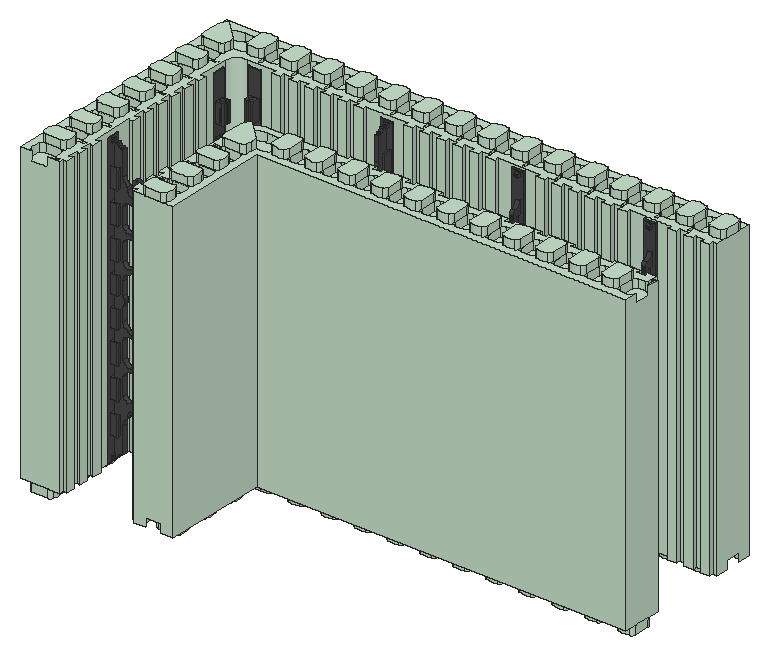
Revit family
Reference planes
  plane 1 "Center (Front/Back)": y = 0
  plane 2: z = 0
  plane 3 "Center (Left/Right)": x = 0
Forms (mm)
  Extrusion 1, solid, material "NUDURA Expanded Polystyrene Foam Insulation"
    sketch origin (0.35, 0.109, 0) x (1, 0, 0) y (0, 1, 0)
      loop
        line (-117.475, 117.475) -> (-117.475, -279.4) -> (-57.15, -279.4) -> (-57.15, -272.258) -> (-50.8, -273.842) -> (-50.8, -259.558) -> (-57.15, -261.142) -> (-57.15, -246.858) -> (-50.8, -248.442) -> (-50.8, -234.158) -> (-57.15, -235.742) -> (-57.15, -221.458) -> (-50.8, -223.042) -> (-50.8, -208.758) -> (-57.15, -210.342) -> (-57.15, -145.258) -> (-50.8, -146.842) -> (-50.8, -132.558) -> (-57.15, -134.142) -> (-57.15, -119.858) -> (-50.8, -121.442) -> (-50.8, -107.158) -> (-57.15, -108.742) -> (-57.15, -94.458) -> (-50.8, -96.042) -> (-50.8, -81.758) -> (-57.15, -83.342) -> (-57.15, -69.058) -> (-50.8, -70.642) -> (-50.8, -56.358) -> (-57.15, -57.942) -> (-57.15, -43.658) -> (-50.8, -45.242) -> (-50.8, -30.958) -> (-57.15, -32.542) -> (-57.15, -18.258) -> (-50.8, -19.842) -> (-50.8, -5.558) -> (-57.15, -7.142) -> (-57.15, 38.594)
        arc (-57.15, 38.594) -> (-51.399, 51.746) -> (-38.1, 57.15) r 19.05
        line (-38.1, 57.15) -> (7.142, 57.15) -> (5.558, 50.8) -> (19.842, 50.8) -> (18.258, 57.15) -> (32.542, 57.15) -> (30.958, 50.8) -> (45.242, 50.8) -> (43.658, 57.15) -> (57.942, 57.15) -> (56.358, 50.8) -> (70.642, 50.8) -> (69.058, 57.15) -> (83.342, 57.15) -> (81.758, 50.8) -> (96.042, 50.8) -> (94.458, 57.15) -> (108.742, 57.15) -> (107.158, 50.8) -> (121.442, 50.8) -> (119.858, 57.15) -> (134.142, 57.15) -> (132.558, 50.8) -> (146.842, 50.8) -> (145.258, 57.15) -> (210.342, 57.15) -> (208.758, 50.8) -> (223.042, 50.8) -> (221.458, 57.15) -> (235.742, 57.15) -> (234.158, 50.8) -> (248.442, 50.8) -> (246.858, 57.15) -> (261.142, 57.15) -> (259.558, 50.8) -> (273.842, 50.8) -> (272.258, 57.15) -> (286.542, 57.15) -> (284.958, 50.8) -> (299.242, 50.8) -> (297.658, 57.15) -> (311.942, 57.15) -> (310.358, 50.8) -> (324.642, 50.8) -> (323.058, 57.15) -> (337.342, 57.15) -> (335.758, 50.8) -> (350.042, 50.8) -> (348.458, 57.15) -> (413.542, 57.15) -> (411.958, 50.8) -> (426.242, 50.8) -> (424.658, 57.15) -> (438.942, 57.15) -> (437.358, 50.8) -> (451.642, 50.8) -> (450.058, 57.15) -> (464.342, 57.15) -> (462.758, 50.8) -> (477.042, 50.8) -> (475.458, 57.15) -> (489.742, 57.15) -> (488.158, 50.8) -> (502.442, 50.8) -> (500.858, 57.15) -> (515.142, 57.15) -> (513.558, 50.8) -> (527.842, 50.8) -> (526.258, 57.15) -> (540.542, 57.15) -> (538.958, 50.8) -> (553.242, 50.8) -> (551.658, 57.15) -> (616.742, 57.15) -> (615.158, 50.8) -> (629.442, 50.8) -> (627.858, 57.15) -> (642.142, 57.15) -> (640.558, 50.8) -> (654.842, 50.8) -> (653.258, 57.15) -> (667.542, 57.15) -> (665.958, 50.8) -> (680.242, 50.8) -> (678.658, 57.15) -> (685.8, 57.15) -> (685.8, 117.475) -> (-117.475, 117.475)
      loop
        line (117.475, -117.475) -> (685.8, -117.475) -> (685.8, -57.15) -> (678.658, -57.15) -> (680.242, -50.8) -> (665.958, -50.8) -> (667.542, -57.15) -> (653.258, -57.15) -> (654.842, -50.8) -> (640.558, -50.8) -> (642.142, -57.15) -> (627.858, -57.15) -> (629.442, -50.8) -> (615.158, -50.8) -> (616.742, -57.15) -> (551.658, -57.15) -> (553.242, -50.8) -> (538.958, -50.8) -> (540.542, -57.15) -> (526.258, -57.15) -> (527.842, -50.8) -> (513.558, -50.8) -> (515.142, -57.15) -> (500.858, -57.15) -> (502.442, -50.8) -> (488.158, -50.8) -> (489.742, -57.15) -> (475.458, -57.15) -> (477.042, -50.8) -> (462.758, -50.8) -> (464.342, -57.15) -> (450.058, -57.15) -> (451.642, -50.8) -> (437.358, -50.8) -> (438.942, -57.15) -> (424.658, -57.15) -> (426.242, -50.8) -> (411.958, -50.8) -> (413.542, -57.15) -> (348.458, -57.15) -> (350.042, -50.8) -> (335.758, -50.8) -> (337.342, -57.15) -> (323.058, -57.15) -> (324.642, -50.8) -> (310.358, -50.8) -> (311.942, -57.15) -> (297.658, -57.15) -> (299.242, -50.8) -> (284.958, -50.8) -> (286.542, -57.15) -> (272.258, -57.15) -> (273.842, -50.8) -> (259.558, -50.8) -> (261.142, -57.15) -> (246.858, -57.15) -> (248.442, -50.8) -> (234.158, -50.8) -> (235.742, -57.15) -> (221.458, -57.15) -> (223.042, -50.8) -> (208.758, -50.8) -> (210.342, -57.15) -> (88.9, -57.15)
        arc (88.9, -57.15) -> (66.449, -66.449) -> (57.15, -88.9) r 31.75
        line (57.15, -88.9) -> (57.15, -210.342) -> (50.8, -208.758) -> (50.8, -223.042) -> (57.15, -221.458) -> (57.15, -235.742) -> (50.8, -234.158) -> (50.8, -248.442) -> (57.15, -246.858) -> (57.15, -261.142) -> (50.8, -259.558) -> (50.8, -273.842) -> (57.15, -272.258) -> (57.15, -279.4) -> (117.475, -279.4) -> (117.475, -117.475)
    from 0 to 457.2
  Extrusion 2, solid, material "NUDURA Expanded Polystyrene Foam Insulation"
    sketch origin (-25.05, 25.509, 0) x (1, 0, 0) y (0, 1, 0)
      loop
        arc (93.663, -139.7) -> (93.992, -143.903) -> (94.972, -148.004) r 26.987
        arc (94.972, -148.004) -> (97.278, -151.185) -> (101.014, -152.4) r 6.35
        line (101.014, -152.4) -> (124.411, -152.4)
        arc (124.411, -152.4) -> (128.147, -151.185) -> (130.453, -148.004) r 6.35
        arc (130.453, -148.004) -> (131.433, -143.903) -> (131.763, -139.7) r 26.988
        line (131.763, -139.7) -> (131.763, -131.763) -> (101.102, -101.102)
        arc (101.102, -101.102) -> (95.596, -109.342) -> (93.663, -119.063) r 25.4
        line (93.663, -119.063) -> (93.663, -139.7)
    from 457.2 to 469.9
  Extrusion 3, solid, material "NUDURA Expanded Polystyrene Foam Insulation"
    sketch origin (25.75, -25.291, 0) x (1, 0, 0) y (0, 1, 0)
      loop
        arc (-101.014, 76.2) -> (-97.278, 77.415) -> (-94.972, 80.596) r 6.35
        arc (-94.972, 80.596) -> (-93.992, 84.697) -> (-93.662, 88.9) r 26.987
        line (-93.662, 88.9) -> (-93.662, 93.662) -> (-124.323, 124.323)
        arc (-124.323, 124.323) -> (-129.829, 116.083) -> (-131.762, 106.362) r 25.4
        line (-131.762, 106.362) -> (-131.762, 88.9)
        arc (-131.762, 88.9) -> (-131.433, 84.697) -> (-130.453, 80.596) r 26.988
        arc (-130.453, 80.596) -> (-128.147, 77.415) -> (-124.411, 76.2) r 6.35
        line (-124.411, 76.2) -> (-101.014, 76.2)
    from 457.2 to 469.9
  Extrusion 4, void
    sketch origin (25.75, -25.291, 0) x (1, 0, 0) y (0, 1, 0)
      loop
        arc (-130.453, -249.604) -> (-128.147, -252.785) -> (-124.411, -254) r 6.35
        line (-124.411, -254) -> (-101.014, -254)
        arc (-101.014, -254) -> (-98.696, -253.562) -> (-96.698, -252.308) r 6.35
        arc (-96.698, -252.308) -> (-96.199, -251.995) -> (-95.62, -251.885) r 1.588
        line (-95.62, -251.885) -> (-86.829, -251.885) -> (-86.829, -247.546) -> (-92.457, -247.546)
        arc (-92.457, -247.546) -> (-93.668, -246.986) -> (-94.024, -245.7) r 1.588
        arc (-94.024, -245.7) -> (-93.737, -239.291) -> (-94.972, -232.996) r 26.987
        arc (-94.972, -232.996) -> (-97.278, -229.815) -> (-101.014, -228.6) r 6.35
        line (-101.014, -228.6) -> (-124.411, -228.6)
        arc (-124.411, -228.6) -> (-128.147, -229.815) -> (-130.453, -232.996) r 6.35
        arc (-130.453, -232.996) -> (-131.762, -241.3) -> (-130.453, -249.604) r 26.987
    from 457.2 to 444.5
  Extrusion 5, void
    sketch origin (25.75, 25.509, 0) x (1, 0, 0) y (0, 1, 0)
      loop
        arc (-130.453, -249.604) -> (-128.147, -252.785) -> (-124.411, -254) r 6.35
        line (-124.411, -254) -> (-101.014, -254)
        arc (-101.014, -254) -> (-98.696, -253.562) -> (-96.698, -252.308) r 6.35
        arc (-96.698, -252.308) -> (-96.199, -251.995) -> (-95.62, -251.885) r 1.588
        line (-95.62, -251.885) -> (-86.829, -251.885) -> (-86.829, -247.546) -> (-92.457, -247.546)
        arc (-92.457, -247.546) -> (-93.668, -246.986) -> (-94.024, -245.7) r 1.588
        arc (-94.024, -245.7) -> (-93.737, -239.291) -> (-94.972, -232.996) r 26.987
        arc (-94.972, -232.996) -> (-97.278, -229.815) -> (-101.014, -228.6) r 6.35
        line (-101.014, -228.6) -> (-124.411, -228.6)
        arc (-124.411, -228.6) -> (-128.147, -229.815) -> (-130.453, -232.996) r 6.35
        arc (-130.453, -232.996) -> (-131.762, -241.3) -> (-130.453, -249.604) r 26.987
    from 457.2 to 444.5
  Extrusion 6, void
    sketch origin (25.75, 76.309, 0) x (1, 0, 0) y (0, 1, 0)
      loop
        arc (-130.453, -249.604) -> (-128.147, -252.785) -> (-124.411, -254) r 6.35
        line (-124.411, -254) -> (-101.014, -254)
        arc (-101.014, -254) -> (-98.696, -253.562) -> (-96.698, -252.308) r 6.35
        arc (-96.698, -252.308) -> (-96.199, -251.995) -> (-95.62, -251.885) r 1.588
        line (-95.62, -251.885) -> (-86.829, -251.885) -> (-86.829, -247.546) -> (-92.457, -247.546)
        arc (-92.457, -247.546) -> (-93.668, -246.986) -> (-94.024, -245.7) r 1.588
        arc (-94.024, -245.7) -> (-93.737, -239.291) -> (-94.972, -232.996) r 26.987
        arc (-94.972, -232.996) -> (-97.278, -229.815) -> (-101.014, -228.6) r 6.35
        line (-101.014, -228.6) -> (-124.411, -228.6)
        arc (-124.411, -228.6) -> (-128.147, -229.815) -> (-130.453, -232.996) r 6.35
        arc (-130.453, -232.996) -> (-131.762, -241.3) -> (-130.453, -249.604) r 26.987
    from 457.2 to 444.5
  Extrusion 7, void
    sketch origin (25.75, 127.109, 0) x (1, 0, 0) y (0, 1, 0)
      loop
        arc (-130.453, -249.604) -> (-128.147, -252.785) -> (-124.411, -254) r 6.35
        line (-124.411, -254) -> (-101.014, -254)
        arc (-101.014, -254) -> (-98.696, -253.562) -> (-96.698, -252.308) r 6.35
        arc (-96.698, -252.308) -> (-96.199, -251.995) -> (-95.62, -251.885) r 1.588
        line (-95.62, -251.885) -> (-86.829, -251.885) -> (-86.829, -247.546) -> (-92.457, -247.546)
        arc (-92.457, -247.546) -> (-93.668, -246.986) -> (-94.024, -245.7) r 1.588
        arc (-94.024, -245.7) -> (-93.737, -239.291) -> (-94.972, -232.996) r 26.987
        arc (-94.972, -232.996) -> (-97.278, -229.815) -> (-101.014, -228.6) r 6.35
        line (-101.014, -228.6) -> (-124.411, -228.6)
        arc (-124.411, -228.6) -> (-128.147, -229.815) -> (-130.453, -232.996) r 6.35
        arc (-130.453, -232.996) -> (-131.762, -241.3) -> (-130.453, -249.604) r 26.987
    from 457.2 to 444.5
  Extrusion 8, void
    sketch origin (25.75, 177.909, 0) x (1, 0, 0) y (0, 1, 0)
      loop
        arc (-130.453, -249.604) -> (-128.147, -252.785) -> (-124.411, -254) r 6.35
        line (-124.411, -254) -> (-101.014, -254)
        arc (-101.014, -254) -> (-98.696, -253.562) -> (-96.698, -252.308) r 6.35
        arc (-96.698, -252.308) -> (-96.199, -251.995) -> (-95.62, -251.885) r 1.588
        line (-95.62, -251.885) -> (-86.829, -251.885) -> (-86.829, -247.546) -> (-92.457, -247.546)
        arc (-92.457, -247.546) -> (-93.668, -246.986) -> (-94.024, -245.7) r 1.588
        arc (-94.024, -245.7) -> (-93.737, -239.291) -> (-94.972, -232.996) r 26.987
        arc (-94.972, -232.996) -> (-97.278, -229.815) -> (-101.014, -228.6) r 6.35
        line (-101.014, -228.6) -> (-124.411, -228.6)
        arc (-124.411, -228.6) -> (-128.147, -229.815) -> (-130.453, -232.996) r 6.35
        arc (-130.453, -232.996) -> (-131.762, -241.3) -> (-130.453, -249.604) r 26.987
    from 457.2 to 444.5
  Extrusion 9, void
    sketch origin (25.75, 228.709, 0) x (1, 0, 0) y (0, 1, 0)
      loop
        arc (-130.453, -249.604) -> (-128.147, -252.785) -> (-124.411, -254) r 6.35
        line (-124.411, -254) -> (-101.014, -254)
        arc (-101.014, -254) -> (-98.696, -253.562) -> (-96.698, -252.308) r 6.35
        arc (-96.698, -252.308) -> (-96.199, -251.995) -> (-95.62, -251.885) r 1.588
        line (-95.62, -251.885) -> (-86.829, -251.885) -> (-86.829, -247.546) -> (-92.457, -247.546)
        arc (-92.457, -247.546) -> (-93.668, -246.986) -> (-94.024, -245.7) r 1.588
        arc (-94.024, -245.7) -> (-93.737, -239.291) -> (-94.972, -232.996) r 26.987
        arc (-94.972, -232.996) -> (-97.278, -229.815) -> (-101.014, -228.6) r 6.35
        line (-101.014, -228.6) -> (-124.411, -228.6)
        arc (-124.411, -228.6) -> (-128.147, -229.815) -> (-130.453, -232.996) r 6.35
        arc (-130.453, -232.996) -> (-131.762, -241.3) -> (-130.453, -249.604) r 26.987
    from 457.2 to 444.5
  Extrusion 10, void
    sketch origin (25.75, 279.509, 0) x (1, 0, 0) y (0, 1, 0)
      loop
        arc (-130.453, -249.604) -> (-128.147, -252.785) -> (-124.411, -254) r 6.35
        line (-124.411, -254) -> (-101.014, -254)
        arc (-101.014, -254) -> (-98.696, -253.562) -> (-96.698, -252.308) r 6.35
        arc (-96.698, -252.308) -> (-96.199, -251.995) -> (-95.62, -251.885) r 1.588
        line (-95.62, -251.885) -> (-86.829, -251.885) -> (-86.829, -247.546) -> (-92.457, -247.546)
        arc (-92.457, -247.546) -> (-93.668, -246.986) -> (-94.024, -245.7) r 1.588
        arc (-94.024, -245.7) -> (-93.737, -239.291) -> (-94.972, -232.996) r 26.987
        arc (-94.972, -232.996) -> (-97.278, -229.815) -> (-101.014, -228.6) r 6.35
        line (-101.014, -228.6) -> (-124.411, -228.6)
        arc (-124.411, -228.6) -> (-128.147, -229.815) -> (-130.453, -232.996) r 6.35
        arc (-130.453, -232.996) -> (-131.762, -241.3) -> (-130.453, -249.604) r 26.987
    from 457.2 to 444.5
  Extrusion 11, void
    sketch origin (-25.05, 25.509, 0) x (1, 0, 0) y (0, 1, 0)
      loop
        line (101.014, -228.6) -> (124.411, -228.6)
        arc (124.411, -228.6) -> (128.147, -227.385) -> (130.453, -224.204) r 6.35
        arc (130.453, -224.204) -> (131.763, -215.9) -> (130.453, -207.596) r 26.988
        arc (130.453, -207.596) -> (128.147, -204.415) -> (124.411, -203.2) r 6.35
        line (124.411, -203.2) -> (101.014, -203.2)
        arc (101.014, -203.2) -> (98.696, -203.638) -> (96.698, -204.892) r 6.35
        arc (96.698, -204.892) -> (96.199, -205.205) -> (95.62, -205.315) r 1.587
        line (95.62, -205.315) -> (86.829, -205.315) -> (86.829, -209.654) -> (92.457, -209.654)
        arc (92.457, -209.654) -> (93.668, -210.214) -> (94.024, -211.5) r 1.587
        arc (94.024, -211.5) -> (93.737, -217.909) -> (94.972, -224.204) r 26.987
        arc (94.972, -224.204) -> (97.278, -227.385) -> (101.014, -228.6) r 6.35
    from 457.2 to 444.5
  Extrusion 12, void
    sketch origin (-25.05, 76.309, 0) x (1, 0, 0) y (0, 1, 0)
      loop
        line (101.014, -228.6) -> (124.411, -228.6)
        arc (124.411, -228.6) -> (128.147, -227.385) -> (130.453, -224.204) r 6.35
        arc (130.453, -224.204) -> (131.763, -215.9) -> (130.453, -207.596) r 26.988
        arc (130.453, -207.596) -> (128.147, -204.415) -> (124.411, -203.2) r 6.35
        line (124.411, -203.2) -> (101.014, -203.2)
        arc (101.014, -203.2) -> (98.696, -203.638) -> (96.698, -204.892) r 6.35
        arc (96.698, -204.892) -> (96.199, -205.205) -> (95.62, -205.315) r 1.587
        line (95.62, -205.315) -> (86.829, -205.315) -> (86.829, -209.654) -> (92.457, -209.654)
        arc (92.457, -209.654) -> (93.668, -210.214) -> (94.024, -211.5) r 1.587
        arc (94.024, -211.5) -> (93.737, -217.909) -> (94.972, -224.204) r 26.987
        arc (94.972, -224.204) -> (97.278, -227.385) -> (101.014, -228.6) r 6.35
    from 457.2 to 444.5
  Extrusion 13, void
    sketch origin (25.75, -25.291, 0) x (1, 0, 0) y (0, 1, 0)
      loop
        arc (-106.362, 131.762) -> (-116.083, 129.829) -> (-124.323, 124.323) r 25.4
        line (-124.323, 124.323) -> (-93.662, 93.662) -> (-88.9, 93.662)
        arc (-88.9, 93.662) -> (-84.697, 93.992) -> (-80.596, 94.972) r 26.988
        arc (-80.596, 94.972) -> (-77.415, 97.278) -> (-76.2, 101.014) r 6.35
        line (-76.2, 101.014) -> (-76.2, 124.411)
        arc (-76.2, 124.411) -> (-77.415, 128.147) -> (-80.596, 130.453) r 6.35
        arc (-80.596, 130.453) -> (-84.697, 131.433) -> (-88.9, 131.762) r 26.988
        line (-88.9, 131.762) -> (-106.362, 131.762)
    from 457.2 to 444.5
  Extrusion 14, void
    sketch origin (-25.05, 25.509, 0) x (1, 0, 0) y (0, 1, 0)
      loop
        arc (119.063, -93.663) -> (109.342, -95.596) -> (101.102, -101.102) r 25.4
        line (101.102, -101.102) -> (131.763, -131.763) -> (139.7, -131.763)
        arc (139.7, -131.763) -> (143.903, -131.433) -> (148.004, -130.453) r 26.987
        arc (148.004, -130.453) -> (151.185, -128.147) -> (152.4, -124.411) r 6.35
        line (152.4, -124.411) -> (152.4, -101.014)
        arc (152.4, -101.014) -> (151.962, -98.696) -> (150.708, -96.698) r 6.35
        arc (150.708, -96.698) -> (150.395, -96.199) -> (150.285, -95.62) r 1.588
        line (150.285, -95.62) -> (150.285, -86.829) -> (145.946, -86.829) -> (145.946, -92.457)
        arc (145.946, -92.457) -> (145.386, -93.668) -> (144.1, -94.024) r 1.587
        arc (144.1, -94.024) -> (141.907, -93.753) -> (139.7, -93.663) r 26.987
        line (139.7, -93.663) -> (119.063, -93.663)
    from 457.2 to 444.5
  Extrusion 15, void
    sketch origin (-25.05, 25.509, 0) x (1, 0, 0) y (0, 1, 0)
      loop
        line (177.8, -101.014) -> (177.8, -124.411)
        arc (177.8, -124.411) -> (179.015, -128.147) -> (182.196, -130.453) r 6.35
        arc (182.196, -130.453) -> (190.5, -131.763) -> (198.804, -130.453) r 26.987
        arc (198.804, -130.453) -> (201.985, -128.147) -> (203.2, -124.411) r 6.35
        line (203.2, -124.411) -> (203.2, -101.014)
        arc (203.2, -101.014) -> (202.762, -98.696) -> (201.508, -96.698) r 6.35
        arc (201.508, -96.698) -> (201.195, -96.199) -> (201.085, -95.62) r 1.588
        line (201.085, -95.62) -> (201.085, -86.829) -> (196.746, -86.829) -> (196.746, -92.457)
        arc (196.746, -92.457) -> (196.186, -93.668) -> (194.9, -94.024) r 1.587
        arc (194.9, -94.024) -> (188.491, -93.737) -> (182.196, -94.972) r 26.988
        arc (182.196, -94.972) -> (179.015, -97.278) -> (177.8, -101.014) r 6.35
    from 457.2 to 444.5
  Extrusion 16, void
    sketch origin (25.75, 25.509, 0) x (1, 0, 0) y (0, 1, 0)
      loop
        line (177.8, -101.014) -> (177.8, -124.411)
        arc (177.8, -124.411) -> (179.015, -128.147) -> (182.196, -130.453) r 6.35
        arc (182.196, -130.453) -> (190.5, -131.763) -> (198.804, -130.453) r 26.987
        arc (198.804, -130.453) -> (201.985, -128.147) -> (203.2, -124.411) r 6.35
        line (203.2, -124.411) -> (203.2, -101.014)
        arc (203.2, -101.014) -> (202.762, -98.696) -> (201.508, -96.698) r 6.35
        arc (201.508, -96.698) -> (201.195, -96.199) -> (201.085, -95.62) r 1.588
        line (201.085, -95.62) -> (201.085, -86.829) -> (196.746, -86.829) -> (196.746, -92.457)
        arc (196.746, -92.457) -> (196.186, -93.668) -> (194.9, -94.024) r 1.587
        arc (194.9, -94.024) -> (188.491, -93.737) -> (182.196, -94.972) r 26.988
        arc (182.196, -94.972) -> (179.015, -97.278) -> (177.8, -101.014) r 6.35
    from 457.2 to 444.5
  Extrusion 17, void
    sketch origin (76.55, 25.509, 0) x (1, 0, 0) y (0, 1, 0)
      loop
        line (177.8, -101.014) -> (177.8, -124.411)
        arc (177.8, -124.411) -> (179.015, -128.147) -> (182.196, -130.453) r 6.35
        arc (182.196, -130.453) -> (190.5, -131.763) -> (198.804, -130.453) r 26.987
        arc (198.804, -130.453) -> (201.985, -128.147) -> (203.2, -124.411) r 6.35
        line (203.2, -124.411) -> (203.2, -101.014)
        arc (203.2, -101.014) -> (202.762, -98.696) -> (201.508, -96.698) r 6.35
        arc (201.508, -96.698) -> (201.195, -96.199) -> (201.085, -95.62) r 1.588
        line (201.085, -95.62) -> (201.085, -86.829) -> (196.746, -86.829) -> (196.746, -92.457)
        arc (196.746, -92.457) -> (196.186, -93.668) -> (194.9, -94.024) r 1.587
        arc (194.9, -94.024) -> (188.491, -93.737) -> (182.196, -94.972) r 26.988
        arc (182.196, -94.972) -> (179.015, -97.278) -> (177.8, -101.014) r 6.35
    from 457.2 to 444.5
  Extrusion 18, void
    sketch origin (127.35, 25.509, 0) x (1, 0, 0) y (0, 1, 0)
      loop
        line (177.8, -101.014) -> (177.8, -124.411)
        arc (177.8, -124.411) -> (179.015, -128.147) -> (182.196, -130.453) r 6.35
        arc (182.196, -130.453) -> (190.5, -131.763) -> (198.804, -130.453) r 26.987
        arc (198.804, -130.453) -> (201.985, -128.147) -> (203.2, -124.411) r 6.35
        line (203.2, -124.411) -> (203.2, -101.014)
        arc (203.2, -101.014) -> (202.762, -98.696) -> (201.508, -96.698) r 6.35
        arc (201.508, -96.698) -> (201.195, -96.199) -> (201.085, -95.62) r 1.588
        line (201.085, -95.62) -> (201.085, -86.829) -> (196.746, -86.829) -> (196.746, -92.457)
        arc (196.746, -92.457) -> (196.186, -93.668) -> (194.9, -94.024) r 1.587
        arc (194.9, -94.024) -> (188.491, -93.737) -> (182.196, -94.972) r 26.988
        arc (182.196, -94.972) -> (179.015, -97.278) -> (177.8, -101.014) r 6.35
    from 457.2 to 444.5
  Extrusion 19, void
    sketch origin (178.15, 25.509, 0) x (1, 0, 0) y (0, 1, 0)
      loop
        line (177.8, -101.014) -> (177.8, -124.411)
        arc (177.8, -124.411) -> (179.015, -128.147) -> (182.196, -130.453) r 6.35
        arc (182.196, -130.453) -> (190.5, -131.763) -> (198.804, -130.453) r 26.987
        arc (198.804, -130.453) -> (201.985, -128.147) -> (203.2, -124.411) r 6.35
        line (203.2, -124.411) -> (203.2, -101.014)
        arc (203.2, -101.014) -> (202.762, -98.696) -> (201.508, -96.698) r 6.35
        arc (201.508, -96.698) -> (201.195, -96.199) -> (201.085, -95.62) r 1.588
        line (201.085, -95.62) -> (201.085, -86.829) -> (196.746, -86.829) -> (196.746, -92.457)
        arc (196.746, -92.457) -> (196.186, -93.668) -> (194.9, -94.024) r 1.587
        arc (194.9, -94.024) -> (188.491, -93.737) -> (182.196, -94.972) r 26.988
        arc (182.196, -94.972) -> (179.015, -97.278) -> (177.8, -101.014) r 6.35
    from 457.2 to 444.5
  Extrusion 20, void
    sketch origin (228.95, 25.509, 0) x (1, 0, 0) y (0, 1, 0)
      loop
        line (177.8, -101.014) -> (177.8, -124.411)
        arc (177.8, -124.411) -> (179.015, -128.147) -> (182.196, -130.453) r 6.35
        arc (182.196, -130.453) -> (190.5, -131.763) -> (198.804, -130.453) r 26.987
        arc (198.804, -130.453) -> (201.985, -128.147) -> (203.2, -124.411) r 6.35
        line (203.2, -124.411) -> (203.2, -101.014)
        arc (203.2, -101.014) -> (202.762, -98.696) -> (201.508, -96.698) r 6.35
        arc (201.508, -96.698) -> (201.195, -96.199) -> (201.085, -95.62) r 1.588
        line (201.085, -95.62) -> (201.085, -86.829) -> (196.746, -86.829) -> (196.746, -92.457)
        arc (196.746, -92.457) -> (196.186, -93.668) -> (194.9, -94.024) r 1.587
        arc (194.9, -94.024) -> (188.491, -93.737) -> (182.196, -94.972) r 26.988
        arc (182.196, -94.972) -> (179.015, -97.278) -> (177.8, -101.014) r 6.35
    from 457.2 to 444.5
  Extrusion 21, void
    sketch origin (279.75, 25.509, 0) x (1, 0, 0) y (0, 1, 0)
      loop
        line (177.8, -101.014) -> (177.8, -124.411)
        arc (177.8, -124.411) -> (179.015, -128.147) -> (182.196, -130.453) r 6.35
        arc (182.196, -130.453) -> (190.5, -131.763) -> (198.804, -130.453) r 26.987
        arc (198.804, -130.453) -> (201.985, -128.147) -> (203.2, -124.411) r 6.35
        line (203.2, -124.411) -> (203.2, -101.014)
        arc (203.2, -101.014) -> (202.762, -98.696) -> (201.508, -96.698) r 6.35
        arc (201.508, -96.698) -> (201.195, -96.199) -> (201.085, -95.62) r 1.588
        line (201.085, -95.62) -> (201.085, -86.829) -> (196.746, -86.829) -> (196.746, -92.457)
        arc (196.746, -92.457) -> (196.186, -93.668) -> (194.9, -94.024) r 1.587
        arc (194.9, -94.024) -> (188.491, -93.737) -> (182.196, -94.972) r 26.988
        arc (182.196, -94.972) -> (179.015, -97.278) -> (177.8, -101.014) r 6.35
    from 457.2 to 444.5
  Extrusion 22, void
    sketch origin (330.55, 25.509, 0) x (1, 0, 0) y (0, 1, 0)
      loop
        line (177.8, -101.014) -> (177.8, -124.411)
        arc (177.8, -124.411) -> (179.015, -128.147) -> (182.196, -130.453) r 6.35
        arc (182.196, -130.453) -> (190.5, -131.763) -> (198.804, -130.453) r 26.987
        arc (198.804, -130.453) -> (201.985, -128.147) -> (203.2, -124.411) r 6.35
        line (203.2, -124.411) -> (203.2, -101.014)
        arc (203.2, -101.014) -> (202.762, -98.696) -> (201.508, -96.698) r 6.35
        arc (201.508, -96.698) -> (201.195, -96.199) -> (201.085, -95.62) r 1.588
        line (201.085, -95.62) -> (201.085, -86.829) -> (196.746, -86.829) -> (196.746, -92.457)
        arc (196.746, -92.457) -> (196.186, -93.668) -> (194.9, -94.024) r 1.587
        arc (194.9, -94.024) -> (188.491, -93.737) -> (182.196, -94.972) r 26.988
        arc (182.196, -94.972) -> (179.015, -97.278) -> (177.8, -101.014) r 6.35
    from 457.2 to 444.5
  Extrusion 23, void
    sketch origin (381.35, 25.509, 0) x (1, 0, 0) y (0, 1, 0)
      loop
        line (177.8, -101.014) -> (177.8, -124.411)
        arc (177.8, -124.411) -> (179.015, -128.147) -> (182.196, -130.453) r 6.35
        arc (182.196, -130.453) -> (190.5, -131.763) -> (198.804, -130.453) r 26.987
        arc (198.804, -130.453) -> (201.985, -128.147) -> (203.2, -124.411) r 6.35
        line (203.2, -124.411) -> (203.2, -101.014)
        arc (203.2, -101.014) -> (202.762, -98.696) -> (201.508, -96.698) r 6.35
        arc (201.508, -96.698) -> (201.195, -96.199) -> (201.085, -95.62) r 1.588
        line (201.085, -95.62) -> (201.085, -86.829) -> (196.746, -86.829) -> (196.746, -92.457)
        arc (196.746, -92.457) -> (196.186, -93.668) -> (194.9, -94.024) r 1.587
        arc (194.9, -94.024) -> (188.491, -93.737) -> (182.196, -94.972) r 26.988
        arc (182.196, -94.972) -> (179.015, -97.278) -> (177.8, -101.014) r 6.35
    from 457.2 to 444.5
  Extrusion 24, void
    sketch origin (432.15, 25.509, 0) x (1, 0, 0) y (0, 1, 0)
      loop
        line (177.8, -101.014) -> (177.8, -124.411)
        arc (177.8, -124.411) -> (179.015, -128.147) -> (182.196, -130.453) r 6.35
        arc (182.196, -130.453) -> (190.5, -131.763) -> (198.804, -130.453) r 26.987
        arc (198.804, -130.453) -> (201.985, -128.147) -> (203.2, -124.411) r 6.35
        line (203.2, -124.411) -> (203.2, -101.014)
        arc (203.2, -101.014) -> (202.762, -98.696) -> (201.508, -96.698) r 6.35
        arc (201.508, -96.698) -> (201.195, -96.199) -> (201.085, -95.62) r 1.588
        line (201.085, -95.62) -> (201.085, -86.829) -> (196.746, -86.829) -> (196.746, -92.457)
        arc (196.746, -92.457) -> (196.186, -93.668) -> (194.9, -94.024) r 1.587
        arc (194.9, -94.024) -> (188.491, -93.737) -> (182.196, -94.972) r 26.988
        arc (182.196, -94.972) -> (179.015, -97.278) -> (177.8, -101.014) r 6.35
    from 457.2 to 444.5
  Extrusion 25, void
    sketch origin (25.75, -25.291, 0) x (1, 0, 0) y (0, 1, 0)
      loop
        arc (-46.404, 130.453) -> (-49.585, 128.147) -> (-50.8, 124.411) r 6.35
        line (-50.8, 124.411) -> (-50.8, 101.014)
        arc (-50.8, 101.014) -> (-50.362, 98.696) -> (-49.108, 96.698) r 6.35
        arc (-49.108, 96.698) -> (-48.795, 96.199) -> (-48.685, 95.62) r 1.588
        line (-48.685, 95.62) -> (-48.685, 86.829) -> (-44.346, 86.829) -> (-44.346, 92.457)
        arc (-44.346, 92.457) -> (-43.786, 93.668) -> (-42.5, 94.024) r 1.588
        arc (-42.5, 94.024) -> (-36.091, 93.737) -> (-29.796, 94.972) r 26.987
        arc (-29.796, 94.972) -> (-26.615, 97.278) -> (-25.4, 101.014) r 6.35
        line (-25.4, 101.014) -> (-25.4, 124.411)
        arc (-25.4, 124.411) -> (-26.615, 128.147) -> (-29.796, 130.453) r 6.35
        arc (-29.796, 130.453) -> (-38.1, 131.762) -> (-46.404, 130.453) r 26.987
    from 457.2 to 444.5
  Extrusion 26, void
    sketch origin (76.55, -25.291, 0) x (1, 0, 0) y (0, 1, 0)
      loop
        arc (-46.404, 130.453) -> (-49.585, 128.147) -> (-50.8, 124.411) r 6.35
        line (-50.8, 124.411) -> (-50.8, 101.014)
        arc (-50.8, 101.014) -> (-50.362, 98.696) -> (-49.108, 96.698) r 6.35
        arc (-49.108, 96.698) -> (-48.795, 96.199) -> (-48.685, 95.62) r 1.588
        line (-48.685, 95.62) -> (-48.685, 86.829) -> (-44.346, 86.829) -> (-44.346, 92.457)
        arc (-44.346, 92.457) -> (-43.786, 93.668) -> (-42.5, 94.024) r 1.588
        arc (-42.5, 94.024) -> (-36.091, 93.737) -> (-29.796, 94.972) r 26.987
        arc (-29.796, 94.972) -> (-26.615, 97.278) -> (-25.4, 101.014) r 6.35
        line (-25.4, 101.014) -> (-25.4, 124.411)
        arc (-25.4, 124.411) -> (-26.615, 128.147) -> (-29.796, 130.453) r 6.35
        arc (-29.796, 130.453) -> (-38.1, 131.762) -> (-46.404, 130.453) r 26.987
    from 457.2 to 444.5
  Extrusion 27, void
    sketch origin (127.35, -25.291, 0) x (1, 0, 0) y (0, 1, 0)
      loop
        arc (-46.404, 130.453) -> (-49.585, 128.147) -> (-50.8, 124.411) r 6.35
        line (-50.8, 124.411) -> (-50.8, 101.014)
        arc (-50.8, 101.014) -> (-50.362, 98.696) -> (-49.108, 96.698) r 6.35
        arc (-49.108, 96.698) -> (-48.795, 96.199) -> (-48.685, 95.62) r 1.588
        line (-48.685, 95.62) -> (-48.685, 86.829) -> (-44.346, 86.829) -> (-44.346, 92.457)
        arc (-44.346, 92.457) -> (-43.786, 93.668) -> (-42.5, 94.024) r 1.588
        arc (-42.5, 94.024) -> (-36.091, 93.737) -> (-29.796, 94.972) r 26.987
        arc (-29.796, 94.972) -> (-26.615, 97.278) -> (-25.4, 101.014) r 6.35
        line (-25.4, 101.014) -> (-25.4, 124.411)
        arc (-25.4, 124.411) -> (-26.615, 128.147) -> (-29.796, 130.453) r 6.35
        arc (-29.796, 130.453) -> (-38.1, 131.762) -> (-46.404, 130.453) r 26.987
    from 457.2 to 444.5
  Extrusion 28, void
    sketch origin (178.15, -25.291, 0) x (1, 0, 0) y (0, 1, 0)
      loop
        arc (-46.404, 130.453) -> (-49.585, 128.147) -> (-50.8, 124.411) r 6.35
        line (-50.8, 124.411) -> (-50.8, 101.014)
        arc (-50.8, 101.014) -> (-50.362, 98.696) -> (-49.108, 96.698) r 6.35
        arc (-49.108, 96.698) -> (-48.795, 96.199) -> (-48.685, 95.62) r 1.588
        line (-48.685, 95.62) -> (-48.685, 86.829) -> (-44.346, 86.829) -> (-44.346, 92.457)
        arc (-44.346, 92.457) -> (-43.786, 93.668) -> (-42.5, 94.024) r 1.588
        arc (-42.5, 94.024) -> (-36.091, 93.737) -> (-29.796, 94.972) r 26.987
        arc (-29.796, 94.972) -> (-26.615, 97.278) -> (-25.4, 101.014) r 6.35
        line (-25.4, 101.014) -> (-25.4, 124.411)
        arc (-25.4, 124.411) -> (-26.615, 128.147) -> (-29.796, 130.453) r 6.35
        arc (-29.796, 130.453) -> (-38.1, 131.762) -> (-46.404, 130.453) r 26.987
    from 457.2 to 444.5
  Extrusion 29, void
    sketch origin (228.95, -25.291, 0) x (1, 0, 0) y (0, 1, 0)
      loop
        arc (-46.404, 130.453) -> (-49.585, 128.147) -> (-50.8, 124.411) r 6.35
        line (-50.8, 124.411) -> (-50.8, 101.014)
        arc (-50.8, 101.014) -> (-50.362, 98.696) -> (-49.108, 96.698) r 6.35
        arc (-49.108, 96.698) -> (-48.795, 96.199) -> (-48.685, 95.62) r 1.588
        line (-48.685, 95.62) -> (-48.685, 86.829) -> (-44.346, 86.829) -> (-44.346, 92.457)
        arc (-44.346, 92.457) -> (-43.786, 93.668) -> (-42.5, 94.024) r 1.588
        arc (-42.5, 94.024) -> (-36.091, 93.737) -> (-29.796, 94.972) r 26.987
        arc (-29.796, 94.972) -> (-26.615, 97.278) -> (-25.4, 101.014) r 6.35
        line (-25.4, 101.014) -> (-25.4, 124.411)
        arc (-25.4, 124.411) -> (-26.615, 128.147) -> (-29.796, 130.453) r 6.35
        arc (-29.796, 130.453) -> (-38.1, 131.762) -> (-46.404, 130.453) r 26.987
    from 457.2 to 444.5
  Extrusion 30, void
    sketch origin (279.75, -25.291, 0) x (1, 0, 0) y (0, 1, 0)
      loop
        arc (-46.404, 130.453) -> (-49.585, 128.147) -> (-50.8, 124.411) r 6.35
        line (-50.8, 124.411) -> (-50.8, 101.014)
        arc (-50.8, 101.014) -> (-50.362, 98.696) -> (-49.108, 96.698) r 6.35
        arc (-49.108, 96.698) -> (-48.795, 96.199) -> (-48.685, 95.62) r 1.588
        line (-48.685, 95.62) -> (-48.685, 86.829) -> (-44.346, 86.829) -> (-44.346, 92.457)
        arc (-44.346, 92.457) -> (-43.786, 93.668) -> (-42.5, 94.024) r 1.588
        arc (-42.5, 94.024) -> (-36.091, 93.737) -> (-29.796, 94.972) r 26.987
        arc (-29.796, 94.972) -> (-26.615, 97.278) -> (-25.4, 101.014) r 6.35
        line (-25.4, 101.014) -> (-25.4, 124.411)
        arc (-25.4, 124.411) -> (-26.615, 128.147) -> (-29.796, 130.453) r 6.35
        arc (-29.796, 130.453) -> (-38.1, 131.762) -> (-46.404, 130.453) r 26.987
    from 457.2 to 444.5
  Extrusion 31, void
    sketch origin (330.55, -25.291, 0) x (1, 0, 0) y (0, 1, 0)
      loop
        arc (-46.404, 130.453) -> (-49.585, 128.147) -> (-50.8, 124.411) r 6.35
        line (-50.8, 124.411) -> (-50.8, 101.014)
        arc (-50.8, 101.014) -> (-50.362, 98.696) -> (-49.108, 96.698) r 6.35
        arc (-49.108, 96.698) -> (-48.795, 96.199) -> (-48.685, 95.62) r 1.588
        line (-48.685, 95.62) -> (-48.685, 86.829) -> (-44.346, 86.829) -> (-44.346, 92.457)
        arc (-44.346, 92.457) -> (-43.786, 93.668) -> (-42.5, 94.024) r 1.588
        arc (-42.5, 94.024) -> (-36.091, 93.737) -> (-29.796, 94.972) r 26.987
        arc (-29.796, 94.972) -> (-26.615, 97.278) -> (-25.4, 101.014) r 6.35
        line (-25.4, 101.014) -> (-25.4, 124.411)
        arc (-25.4, 124.411) -> (-26.615, 128.147) -> (-29.796, 130.453) r 6.35
        arc (-29.796, 130.453) -> (-38.1, 131.762) -> (-46.404, 130.453) r 26.987
    from 457.2 to 444.5
  Extrusion 32, void
    sketch origin (381.35, -25.291, 0) x (1, 0, 0) y (0, 1, 0)
      loop
        arc (-46.404, 130.453) -> (-49.585, 128.147) -> (-50.8, 124.411) r 6.35
        line (-50.8, 124.411) -> (-50.8, 101.014)
        arc (-50.8, 101.014) -> (-50.362, 98.696) -> (-49.108, 96.698) r 6.35
        arc (-49.108, 96.698) -> (-48.795, 96.199) -> (-48.685, 95.62) r 1.588
        line (-48.685, 95.62) -> (-48.685, 86.829) -> (-44.346, 86.829) -> (-44.346, 92.457)
        arc (-44.346, 92.457) -> (-43.786, 93.668) -> (-42.5, 94.024) r 1.588
        arc (-42.5, 94.024) -> (-36.091, 93.737) -> (-29.796, 94.972) r 26.987
        arc (-29.796, 94.972) -> (-26.615, 97.278) -> (-25.4, 101.014) r 6.35
        line (-25.4, 101.014) -> (-25.4, 124.411)
        arc (-25.4, 124.411) -> (-26.615, 128.147) -> (-29.796, 130.453) r 6.35
        arc (-29.796, 130.453) -> (-38.1, 131.762) -> (-46.404, 130.453) r 26.987
    from 457.2 to 444.5
  Extrusion 33, void
    sketch origin (432.15, -25.291, 0) x (1, 0, 0) y (0, 1, 0)
      loop
        arc (-46.404, 130.453) -> (-49.585, 128.147) -> (-50.8, 124.411) r 6.35
        line (-50.8, 124.411) -> (-50.8, 101.014)
        arc (-50.8, 101.014) -> (-50.362, 98.696) -> (-49.108, 96.698) r 6.35
        arc (-49.108, 96.698) -> (-48.795, 96.199) -> (-48.685, 95.62) r 1.588
        line (-48.685, 95.62) -> (-48.685, 86.829) -> (-44.346, 86.829) -> (-44.346, 92.457)
        arc (-44.346, 92.457) -> (-43.786, 93.668) -> (-42.5, 94.024) r 1.588
        arc (-42.5, 94.024) -> (-36.091, 93.737) -> (-29.796, 94.972) r 26.987
        arc (-29.796, 94.972) -> (-26.615, 97.278) -> (-25.4, 101.014) r 6.35
        line (-25.4, 101.014) -> (-25.4, 124.411)
        arc (-25.4, 124.411) -> (-26.615, 128.147) -> (-29.796, 130.453) r 6.35
        arc (-29.796, 130.453) -> (-38.1, 131.762) -> (-46.404, 130.453) r 26.987
    from 457.2 to 444.5
  Extrusion 34, void
    sketch origin (482.95, -25.291, 0) x (1, 0, 0) y (0, 1, 0)
      loop
        arc (-46.404, 130.453) -> (-49.585, 128.147) -> (-50.8, 124.411) r 6.35
        line (-50.8, 124.411) -> (-50.8, 101.014)
        arc (-50.8, 101.014) -> (-50.362, 98.696) -> (-49.108, 96.698) r 6.35
        arc (-49.108, 96.698) -> (-48.795, 96.199) -> (-48.685, 95.62) r 1.588
        line (-48.685, 95.62) -> (-48.685, 86.829) -> (-44.346, 86.829) -> (-44.346, 92.457)
        arc (-44.346, 92.457) -> (-43.786, 93.668) -> (-42.5, 94.024) r 1.588
        arc (-42.5, 94.024) -> (-36.091, 93.737) -> (-29.796, 94.972) r 26.987
        arc (-29.796, 94.972) -> (-26.615, 97.278) -> (-25.4, 101.014) r 6.35
        line (-25.4, 101.014) -> (-25.4, 124.411)
        arc (-25.4, 124.411) -> (-26.615, 128.147) -> (-29.796, 130.453) r 6.35
        arc (-29.796, 130.453) -> (-38.1, 131.762) -> (-46.404, 130.453) r 26.987
    from 457.2 to 444.5
  Extrusion 35, void
    sketch origin (533.75, -25.291, 0) x (1, 0, 0) y (0, 1, 0)
      loop
        arc (-46.404, 130.453) -> (-49.585, 128.147) -> (-50.8, 124.411) r 6.35
        line (-50.8, 124.411) -> (-50.8, 101.014)
        arc (-50.8, 101.014) -> (-50.362, 98.696) -> (-49.108, 96.698) r 6.35
        arc (-49.108, 96.698) -> (-48.795, 96.199) -> (-48.685, 95.62) r 1.588
        line (-48.685, 95.62) -> (-48.685, 86.829) -> (-44.346, 86.829) -> (-44.346, 92.457)
        arc (-44.346, 92.457) -> (-43.786, 93.668) -> (-42.5, 94.024) r 1.588
        arc (-42.5, 94.024) -> (-36.091, 93.737) -> (-29.796, 94.972) r 26.987
        arc (-29.796, 94.972) -> (-26.615, 97.278) -> (-25.4, 101.014) r 6.35
        line (-25.4, 101.014) -> (-25.4, 124.411)
        arc (-25.4, 124.411) -> (-26.615, 128.147) -> (-29.796, 130.453) r 6.35
        arc (-29.796, 130.453) -> (-38.1, 131.762) -> (-46.404, 130.453) r 26.987
    from 457.2 to 444.5
  Extrusion 36, void
    sketch origin (584.55, -25.291, 0) x (1, 0, 0) y (0, 1, 0)
      loop
        arc (-46.404, 130.453) -> (-49.585, 128.147) -> (-50.8, 124.411) r 6.35
        line (-50.8, 124.411) -> (-50.8, 101.014)
        arc (-50.8, 101.014) -> (-50.362, 98.696) -> (-49.108, 96.698) r 6.35
        arc (-49.108, 96.698) -> (-48.795, 96.199) -> (-48.685, 95.62) r 1.588
        line (-48.685, 95.62) -> (-48.685, 86.829) -> (-44.346, 86.829) -> (-44.346, 92.457)
        arc (-44.346, 92.457) -> (-43.786, 93.668) -> (-42.5, 94.024) r 1.588
        arc (-42.5, 94.024) -> (-36.091, 93.737) -> (-29.796, 94.972) r 26.987
        arc (-29.796, 94.972) -> (-26.615, 97.278) -> (-25.4, 101.014) r 6.35
        line (-25.4, 101.014) -> (-25.4, 124.411)
        arc (-25.4, 124.411) -> (-26.615, 128.147) -> (-29.796, 130.453) r 6.35
        arc (-29.796, 130.453) -> (-38.1, 131.762) -> (-46.404, 130.453) r 26.987
    from 457.2 to 444.5
  Extrusion 37, void
    sketch origin (635.35, -25.291, 0) x (1, 0, 0) y (0, 1, 0)
      loop
        arc (-46.404, 130.453) -> (-49.585, 128.147) -> (-50.8, 124.411) r 6.35
        line (-50.8, 124.411) -> (-50.8, 101.014)
        arc (-50.8, 101.014) -> (-50.362, 98.696) -> (-49.108, 96.698) r 6.35
        arc (-49.108, 96.698) -> (-48.795, 96.199) -> (-48.685, 95.62) r 1.588
        line (-48.685, 95.62) -> (-48.685, 86.829) -> (-44.346, 86.829) -> (-44.346, 92.457)
        arc (-44.346, 92.457) -> (-43.786, 93.668) -> (-42.5, 94.024) r 1.588
        arc (-42.5, 94.024) -> (-36.091, 93.737) -> (-29.796, 94.972) r 26.987
        arc (-29.796, 94.972) -> (-26.615, 97.278) -> (-25.4, 101.014) r 6.35
        line (-25.4, 101.014) -> (-25.4, 124.411)
        arc (-25.4, 124.411) -> (-26.615, 128.147) -> (-29.796, 130.453) r 6.35
        arc (-29.796, 130.453) -> (-38.1, 131.762) -> (-46.404, 130.453) r 26.987
    from 457.2 to 444.5
  Extrusion 38, void
    sketch origin (686.15, -25.291, 0) x (1, 0, 0) y (0, 1, 0)
      loop
        arc (-46.404, 130.453) -> (-49.585, 128.147) -> (-50.8, 124.411) r 6.35
        line (-50.8, 124.411) -> (-50.8, 101.014)
        arc (-50.8, 101.014) -> (-50.362, 98.696) -> (-49.108, 96.698) r 6.35
        arc (-49.108, 96.698) -> (-48.795, 96.199) -> (-48.685, 95.62) r 1.588
        line (-48.685, 95.62) -> (-48.685, 86.829) -> (-44.346, 86.829) -> (-44.346, 92.457)
        arc (-44.346, 92.457) -> (-43.786, 93.668) -> (-42.5, 94.024) r 1.588
        arc (-42.5, 94.024) -> (-36.091, 93.737) -> (-29.796, 94.972) r 26.987
        arc (-29.796, 94.972) -> (-26.615, 97.278) -> (-25.4, 101.014) r 6.35
        line (-25.4, 101.014) -> (-25.4, 124.411)
        arc (-25.4, 124.411) -> (-26.615, 128.147) -> (-29.796, 130.453) r 6.35
        arc (-29.796, 130.453) -> (-38.1, 131.762) -> (-46.404, 130.453) r 26.987
    from 457.2 to 444.5
  Extrusion 39, void
    sketch origin (25.75, 61.27, 0) x (1, 0, 0) y (0, 1, 0)
      loop
        arc (-130.453, -294.157) -> (-131.762, -302.461) -> (-130.453, -310.765) r 26.987
        arc (-130.453, -310.765) -> (-128.147, -313.946) -> (-124.411, -315.161) r 6.35
        line (-124.411, -315.161) -> (-101.014, -315.161)
        arc (-101.014, -315.161) -> (-97.278, -313.946) -> (-94.972, -310.765) r 6.35
        arc (-94.972, -310.765) -> (-93.737, -304.47) -> (-94.024, -298.061) r 26.987
        arc (-94.024, -298.061) -> (-93.668, -296.775) -> (-92.457, -296.215) r 1.588
        line (-92.457, -296.215) -> (-86.829, -296.215) -> (-86.829, -291.875) -> (-95.62, -291.875)
        arc (-95.62, -291.875) -> (-96.199, -291.766) -> (-96.698, -291.453) r 1.588
        arc (-96.698, -291.453) -> (-98.696, -290.199) -> (-101.014, -289.761) r 6.35
        line (-101.014, -289.761) -> (-124.411, -289.761)
        arc (-124.411, -289.761) -> (-128.147, -290.976) -> (-130.453, -294.157) r 6.35
    from 0 to 12.7
  Extrusion 40, void
    sketch origin (25.75, 112.07, 0) x (1, 0, 0) y (0, 1, 0)
      loop
        arc (-130.453, -294.157) -> (-131.762, -302.461) -> (-130.453, -310.765) r 26.987
        arc (-130.453, -310.765) -> (-128.147, -313.946) -> (-124.411, -315.161) r 6.35
        line (-124.411, -315.161) -> (-101.014, -315.161)
        arc (-101.014, -315.161) -> (-97.278, -313.946) -> (-94.972, -310.765) r 6.35
        arc (-94.972, -310.765) -> (-93.737, -304.47) -> (-94.024, -298.061) r 26.987
        arc (-94.024, -298.061) -> (-93.668, -296.775) -> (-92.457, -296.215) r 1.588
        line (-92.457, -296.215) -> (-86.829, -296.215) -> (-86.829, -291.875) -> (-95.62, -291.875)
        arc (-95.62, -291.875) -> (-96.199, -291.766) -> (-96.698, -291.453) r 1.588
        arc (-96.698, -291.453) -> (-98.696, -290.199) -> (-101.014, -289.761) r 6.35
        line (-101.014, -289.761) -> (-124.411, -289.761)
        arc (-124.411, -289.761) -> (-128.147, -290.976) -> (-130.453, -294.157) r 6.35
    from 0 to 12.7
  Extrusion 41, void
    sketch origin (25.75, 162.87, 0) x (1, 0, 0) y (0, 1, 0)
      loop
        arc (-130.453, -294.157) -> (-131.762, -302.461) -> (-130.453, -310.765) r 26.987
        arc (-130.453, -310.765) -> (-128.147, -313.946) -> (-124.411, -315.161) r 6.35
        line (-124.411, -315.161) -> (-101.014, -315.161)
        arc (-101.014, -315.161) -> (-97.278, -313.946) -> (-94.972, -310.765) r 6.35
        arc (-94.972, -310.765) -> (-93.737, -304.47) -> (-94.024, -298.061) r 26.987
        arc (-94.024, -298.061) -> (-93.668, -296.775) -> (-92.457, -296.215) r 1.588
        line (-92.457, -296.215) -> (-86.829, -296.215) -> (-86.829, -291.875) -> (-95.62, -291.875)
        arc (-95.62, -291.875) -> (-96.199, -291.766) -> (-96.698, -291.453) r 1.588
        arc (-96.698, -291.453) -> (-98.696, -290.199) -> (-101.014, -289.761) r 6.35
        line (-101.014, -289.761) -> (-124.411, -289.761)
        arc (-124.411, -289.761) -> (-128.147, -290.976) -> (-130.453, -294.157) r 6.35
    from 0 to 12.7
  Extrusion 42, void
    sketch origin (25.75, 213.67, 0) x (1, 0, 0) y (0, 1, 0)
      loop
        arc (-130.453, -294.157) -> (-131.762, -302.461) -> (-130.453, -310.765) r 26.987
        arc (-130.453, -310.765) -> (-128.147, -313.946) -> (-124.411, -315.161) r 6.35
        line (-124.411, -315.161) -> (-101.014, -315.161)
        arc (-101.014, -315.161) -> (-97.278, -313.946) -> (-94.972, -310.765) r 6.35
        arc (-94.972, -310.765) -> (-93.737, -304.47) -> (-94.024, -298.061) r 26.987
        arc (-94.024, -298.061) -> (-93.668, -296.775) -> (-92.457, -296.215) r 1.588
        line (-92.457, -296.215) -> (-86.829, -296.215) -> (-86.829, -291.875) -> (-95.62, -291.875)
        arc (-95.62, -291.875) -> (-96.199, -291.766) -> (-96.698, -291.453) r 1.588
        arc (-96.698, -291.453) -> (-98.696, -290.199) -> (-101.014, -289.761) r 6.35
        line (-101.014, -289.761) -> (-124.411, -289.761)
        arc (-124.411, -289.761) -> (-128.147, -290.976) -> (-130.453, -294.157) r 6.35
    from 0 to 12.7
  Extrusion 43, void
    sketch origin (25.75, 264.47, 0) x (1, 0, 0) y (0, 1, 0)
      loop
        arc (-130.453, -294.157) -> (-131.762, -302.461) -> (-130.453, -310.765) r 26.987
        arc (-130.453, -310.765) -> (-128.147, -313.946) -> (-124.411, -315.161) r 6.35
        line (-124.411, -315.161) -> (-101.014, -315.161)
        arc (-101.014, -315.161) -> (-97.278, -313.946) -> (-94.972, -310.765) r 6.35
        arc (-94.972, -310.765) -> (-93.737, -304.47) -> (-94.024, -298.061) r 26.987
        arc (-94.024, -298.061) -> (-93.668, -296.775) -> (-92.457, -296.215) r 1.588
        line (-92.457, -296.215) -> (-86.829, -296.215) -> (-86.829, -291.875) -> (-95.62, -291.875)
        arc (-95.62, -291.875) -> (-96.199, -291.766) -> (-96.698, -291.453) r 1.588
        arc (-96.698, -291.453) -> (-98.696, -290.199) -> (-101.014, -289.761) r 6.35
        line (-101.014, -289.761) -> (-124.411, -289.761)
        arc (-124.411, -289.761) -> (-128.147, -290.976) -> (-130.453, -294.157) r 6.35
    from 0 to 12.7
  Extrusion 44, void
    sketch origin (25.75, 315.27, 0) x (1, 0, 0) y (0, 1, 0)
      loop
        arc (-130.453, -294.157) -> (-131.762, -302.461) -> (-130.453, -310.765) r 26.987
        arc (-130.453, -310.765) -> (-128.147, -313.946) -> (-124.411, -315.161) r 6.35
        line (-124.411, -315.161) -> (-101.014, -315.161)
        arc (-101.014, -315.161) -> (-97.278, -313.946) -> (-94.972, -310.765) r 6.35
        arc (-94.972, -310.765) -> (-93.737, -304.47) -> (-94.024, -298.061) r 26.987
        arc (-94.024, -298.061) -> (-93.668, -296.775) -> (-92.457, -296.215) r 1.588
        line (-92.457, -296.215) -> (-86.829, -296.215) -> (-86.829, -291.875) -> (-95.62, -291.875)
        arc (-95.62, -291.875) -> (-96.199, -291.766) -> (-96.698, -291.453) r 1.588
        arc (-96.698, -291.453) -> (-98.696, -290.199) -> (-101.014, -289.761) r 6.35
        line (-101.014, -289.761) -> (-124.411, -289.761)
        arc (-124.411, -289.761) -> (-128.147, -290.976) -> (-130.453, -294.157) r 6.35
    from 0 to 12.7
  Extrusion 45, void
    sketch origin (-75.85, -25.291, 0) x (-1, 0, 0) y (0, -1, 0)
      loop
        arc (-46.404, -130.453) -> (-38.1, -131.762) -> (-29.796, -130.453) r 26.987
        arc (-29.796, -130.453) -> (-26.615, -128.147) -> (-25.4, -124.411) r 6.35
        line (-25.4, -124.411) -> (-25.4, -101.014)
        arc (-25.4, -101.014) -> (-26.615, -97.278) -> (-29.796, -94.972) r 6.35
        arc (-29.796, -94.972) -> (-36.091, -93.737) -> (-42.5, -94.024) r 26.987
        arc (-42.5, -94.024) -> (-43.786, -93.668) -> (-44.346, -92.457) r 1.588
        line (-44.346, -92.457) -> (-44.346, -86.829) -> (-48.685, -86.829) -> (-48.685, -95.62)
        arc (-48.685, -95.62) -> (-48.795, -96.199) -> (-49.108, -96.698) r 1.588
        arc (-49.108, -96.698) -> (-50.362, -98.696) -> (-50.8, -101.014) r 6.35
        line (-50.8, -101.014) -> (-50.8, -124.411)
        arc (-50.8, -124.411) -> (-49.585, -128.147) -> (-46.404, -130.453) r 6.35
    from 0 to 12.7
  Extrusion 46, void
    sketch origin (-25.05, -25.291, 0) x (-1, 0, 0) y (0, -1, 0)
      loop
        arc (-46.404, -130.453) -> (-38.1, -131.762) -> (-29.796, -130.453) r 26.987
        arc (-29.796, -130.453) -> (-26.615, -128.147) -> (-25.4, -124.411) r 6.35
        line (-25.4, -124.411) -> (-25.4, -101.014)
        arc (-25.4, -101.014) -> (-26.615, -97.278) -> (-29.796, -94.972) r 6.35
        arc (-29.796, -94.972) -> (-36.091, -93.737) -> (-42.5, -94.024) r 26.987
        arc (-42.5, -94.024) -> (-43.786, -93.668) -> (-44.346, -92.457) r 1.588
        line (-44.346, -92.457) -> (-44.346, -86.829) -> (-48.685, -86.829) -> (-48.685, -95.62)
        arc (-48.685, -95.62) -> (-48.795, -96.199) -> (-49.108, -96.698) r 1.588
        arc (-49.108, -96.698) -> (-50.362, -98.696) -> (-50.8, -101.014) r 6.35
        line (-50.8, -101.014) -> (-50.8, -124.411)
        arc (-50.8, -124.411) -> (-49.585, -128.147) -> (-46.404, -130.453) r 6.35
    from 0 to 12.7
  Extrusion 47, void
    sketch origin (25.75, -25.291, 0) x (-1, 0, 0) y (0, -1, 0)
      loop
        arc (-46.404, -130.453) -> (-38.1, -131.762) -> (-29.796, -130.453) r 26.987
        arc (-29.796, -130.453) -> (-26.615, -128.147) -> (-25.4, -124.411) r 6.35
        line (-25.4, -124.411) -> (-25.4, -101.014)
        arc (-25.4, -101.014) -> (-26.615, -97.278) -> (-29.796, -94.972) r 6.35
        arc (-29.796, -94.972) -> (-36.091, -93.737) -> (-42.5, -94.024) r 26.987
        arc (-42.5, -94.024) -> (-43.786, -93.668) -> (-44.346, -92.457) r 1.588
        line (-44.346, -92.457) -> (-44.346, -86.829) -> (-48.685, -86.829) -> (-48.685, -95.62)
        arc (-48.685, -95.62) -> (-48.795, -96.199) -> (-49.108, -96.698) r 1.588
        arc (-49.108, -96.698) -> (-50.362, -98.696) -> (-50.8, -101.014) r 6.35
        line (-50.8, -101.014) -> (-50.8, -124.411)
        arc (-50.8, -124.411) -> (-49.585, -128.147) -> (-46.404, -130.453) r 6.35
    from 0 to 12.7
  Extrusion 48, void
    sketch origin (76.55, -25.291, 0) x (-1, 0, 0) y (0, -1, 0)
      loop
        arc (-46.404, -130.453) -> (-38.1, -131.762) -> (-29.796, -130.453) r 26.987
        arc (-29.796, -130.453) -> (-26.615, -128.147) -> (-25.4, -124.411) r 6.35
        line (-25.4, -124.411) -> (-25.4, -101.014)
        arc (-25.4, -101.014) -> (-26.615, -97.278) -> (-29.796, -94.972) r 6.35
        arc (-29.796, -94.972) -> (-36.091, -93.737) -> (-42.5, -94.024) r 26.987
        arc (-42.5, -94.024) -> (-43.786, -93.668) -> (-44.346, -92.457) r 1.588
        line (-44.346, -92.457) -> (-44.346, -86.829) -> (-48.685, -86.829) -> (-48.685, -95.62)
        arc (-48.685, -95.62) -> (-48.795, -96.199) -> (-49.108, -96.698) r 1.588
        arc (-49.108, -96.698) -> (-50.362, -98.696) -> (-50.8, -101.014) r 6.35
        line (-50.8, -101.014) -> (-50.8, -124.411)
        arc (-50.8, -124.411) -> (-49.585, -128.147) -> (-46.404, -130.453) r 6.35
    from 0 to 12.7
  Extrusion 49, void
    sketch origin (127.35, -25.291, 0) x (-1, 0, 0) y (0, -1, 0)
      loop
        arc (-46.404, -130.453) -> (-38.1, -131.762) -> (-29.796, -130.453) r 26.987
        arc (-29.796, -130.453) -> (-26.615, -128.147) -> (-25.4, -124.411) r 6.35
        line (-25.4, -124.411) -> (-25.4, -101.014)
        arc (-25.4, -101.014) -> (-26.615, -97.278) -> (-29.796, -94.972) r 6.35
        arc (-29.796, -94.972) -> (-36.091, -93.737) -> (-42.5, -94.024) r 26.987
        arc (-42.5, -94.024) -> (-43.786, -93.668) -> (-44.346, -92.457) r 1.588
        line (-44.346, -92.457) -> (-44.346, -86.829) -> (-48.685, -86.829) -> (-48.685, -95.62)
        arc (-48.685, -95.62) -> (-48.795, -96.199) -> (-49.108, -96.698) r 1.588
        arc (-49.108, -96.698) -> (-50.362, -98.696) -> (-50.8, -101.014) r 6.35
        line (-50.8, -101.014) -> (-50.8, -124.411)
        arc (-50.8, -124.411) -> (-49.585, -128.147) -> (-46.404, -130.453) r 6.35
    from 0 to 12.7
  Extrusion 50, void
    sketch origin (178.15, -25.291, 0) x (-1, 0, 0) y (0, -1, 0)
      loop
        arc (-46.404, -130.453) -> (-38.1, -131.762) -> (-29.796, -130.453) r 26.987
        arc (-29.796, -130.453) -> (-26.615, -128.147) -> (-25.4, -124.411) r 6.35
        line (-25.4, -124.411) -> (-25.4, -101.014)
        arc (-25.4, -101.014) -> (-26.615, -97.278) -> (-29.796, -94.972) r 6.35
        arc (-29.796, -94.972) -> (-36.091, -93.737) -> (-42.5, -94.024) r 26.987
        arc (-42.5, -94.024) -> (-43.786, -93.668) -> (-44.346, -92.457) r 1.588
        line (-44.346, -92.457) -> (-44.346, -86.829) -> (-48.685, -86.829) -> (-48.685, -95.62)
        arc (-48.685, -95.62) -> (-48.795, -96.199) -> (-49.108, -96.698) r 1.588
        arc (-49.108, -96.698) -> (-50.362, -98.696) -> (-50.8, -101.014) r 6.35
        line (-50.8, -101.014) -> (-50.8, -124.411)
        arc (-50.8, -124.411) -> (-49.585, -128.147) -> (-46.404, -130.453) r 6.35
    from 0 to 12.7
  Extrusion 51, void
    sketch origin (228.95, -25.291, 0) x (-1, 0, 0) y (0, -1, 0)
      loop
        arc (-46.404, -130.453) -> (-38.1, -131.762) -> (-29.796, -130.453) r 26.987
        arc (-29.796, -130.453) -> (-26.615, -128.147) -> (-25.4, -124.411) r 6.35
        line (-25.4, -124.411) -> (-25.4, -101.014)
        arc (-25.4, -101.014) -> (-26.615, -97.278) -> (-29.796, -94.972) r 6.35
        arc (-29.796, -94.972) -> (-36.091, -93.737) -> (-42.5, -94.024) r 26.987
        arc (-42.5, -94.024) -> (-43.786, -93.668) -> (-44.346, -92.457) r 1.588
        line (-44.346, -92.457) -> (-44.346, -86.829) -> (-48.685, -86.829) -> (-48.685, -95.62)
        arc (-48.685, -95.62) -> (-48.795, -96.199) -> (-49.108, -96.698) r 1.588
        arc (-49.108, -96.698) -> (-50.362, -98.696) -> (-50.8, -101.014) r 6.35
        line (-50.8, -101.014) -> (-50.8, -124.411)
        arc (-50.8, -124.411) -> (-49.585, -128.147) -> (-46.404, -130.453) r 6.35
    from 0 to 12.7
  Extrusion 52, void
    sketch origin (279.75, -25.291, 0) x (-1, 0, 0) y (0, -1, 0)
      loop
        arc (-46.404, -130.453) -> (-38.1, -131.762) -> (-29.796, -130.453) r 26.987
        arc (-29.796, -130.453) -> (-26.615, -128.147) -> (-25.4, -124.411) r 6.35
        line (-25.4, -124.411) -> (-25.4, -101.014)
        arc (-25.4, -101.014) -> (-26.615, -97.278) -> (-29.796, -94.972) r 6.35
        arc (-29.796, -94.972) -> (-36.091, -93.737) -> (-42.5, -94.024) r 26.987
        arc (-42.5, -94.024) -> (-43.786, -93.668) -> (-44.346, -92.457) r 1.588
        line (-44.346, -92.457) -> (-44.346, -86.829) -> (-48.685, -86.829) -> (-48.685, -95.62)
        arc (-48.685, -95.62) -> (-48.795, -96.199) -> (-49.108, -96.698) r 1.588
        arc (-49.108, -96.698) -> (-50.362, -98.696) -> (-50.8, -101.014) r 6.35
        line (-50.8, -101.014) -> (-50.8, -124.411)
        arc (-50.8, -124.411) -> (-49.585, -128.147) -> (-46.404, -130.453) r 6.35
    from 0 to 12.7
  Extrusion 53, void
    sketch origin (330.55, -25.291, 0) x (-1, 0, 0) y (0, -1, 0)
      loop
        arc (-46.404, -130.453) -> (-38.1, -131.762) -> (-29.796, -130.453) r 26.987
        arc (-29.796, -130.453) -> (-26.615, -128.147) -> (-25.4, -124.411) r 6.35
        line (-25.4, -124.411) -> (-25.4, -101.014)
        arc (-25.4, -101.014) -> (-26.615, -97.278) -> (-29.796, -94.972) r 6.35
        arc (-29.796, -94.972) -> (-36.091, -93.737) -> (-42.5, -94.024) r 26.987
        arc (-42.5, -94.024) -> (-43.786, -93.668) -> (-44.346, -92.457) r 1.588
        line (-44.346, -92.457) -> (-44.346, -86.829) -> (-48.685, -86.829) -> (-48.685, -95.62)
        arc (-48.685, -95.62) -> (-48.795, -96.199) -> (-49.108, -96.698) r 1.588
        arc (-49.108, -96.698) -> (-50.362, -98.696) -> (-50.8, -101.014) r 6.35
        line (-50.8, -101.014) -> (-50.8, -124.411)
        arc (-50.8, -124.411) -> (-49.585, -128.147) -> (-46.404, -130.453) r 6.35
    from 0 to 12.7
  Extrusion 54, void
    sketch origin (381.35, -25.291, 0) x (-1, 0, 0) y (0, -1, 0)
      loop
        arc (-46.404, -130.453) -> (-38.1, -131.762) -> (-29.796, -130.453) r 26.987
        arc (-29.796, -130.453) -> (-26.615, -128.147) -> (-25.4, -124.411) r 6.35
        line (-25.4, -124.411) -> (-25.4, -101.014)
        arc (-25.4, -101.014) -> (-26.615, -97.278) -> (-29.796, -94.972) r 6.35
        arc (-29.796, -94.972) -> (-36.091, -93.737) -> (-42.5, -94.024) r 26.987
        arc (-42.5, -94.024) -> (-43.786, -93.668) -> (-44.346, -92.457) r 1.588
        line (-44.346, -92.457) -> (-44.346, -86.829) -> (-48.685, -86.829) -> (-48.685, -95.62)
